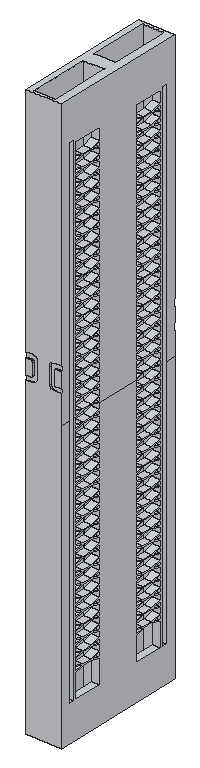
Revit family
Parameters
  Material ID = "760072827"
  Description = "Vertical Cable Management Kit, 6in X 96in (152mm X 2438mm) Double Sided, With Doors, Silver"
Reference planes (in)
  plane 1 "Center (Front/Back)": y = 0
  plane 2: z = 0
  plane 3 "Center (Left/Right)": x = 0
Forms (in)
  Extrusion 1, void, not visible
    sketch origin (0, 0, 0) x (1, 0, 0) y (0, 0, 1)
      loop
        line (-7.85662, 0.48089) -> (-7.85662, -0.39002) -> (-7.67285, -0.39002) -> (-7.67285, -0.64002) -> (-7.0736, -0.64002) -> (-7.0736, -0.39002) -> (-6.92978, -0.39002) -> (-6.92978, 0.48089) -> (-7.85662, 0.48089)
    from -3.79215 to 12
  Extrusion 2, void, not visible
    sketch origin (0, 0, 0) x (1, 0, 0) y (0, 0, 1)
      loop
        line (-8.21397, 0.42583) -> (-8.21397, -0.07417) -> (-8.08657, -0.07417) -> (-8.08657, -0.27417) -> (-7.83657, -0.27417) -> (-7.83657, -0.07417) -> (-7.72497, -0.07417) -> (-7.72497, 0.42583) -> (-8.21397, 0.42583)
    from 0.74059 to 3.34334
  Extrusion 3, solid
    sketch origin (0, 0, 0) x (1, 0, 0) y (0, 0, 1)
      loop
        line (3, 48) -> (-3, 48) -> (-3, -48) -> (3, -48) -> (3, 0) -> (3, 48)
    from 11.281 to -12.189
  Extrusion 4, void
    sketch origin (0, 0, 0) x (1, 0, 0) y (0, 0, 1)
      loop
        line (-3, 9.00056) -> (-3, 8.06684) -> (-2.1, 8.06684)
        arc (-2.1, 8.06684) -> (-1.88787, 7.97898) -> (-1.8, 7.76684) r 0.3
        line (-1.8, 7.76684) -> (-1.8, 5.85056)
        arc (-1.8, 5.85056) -> (-1.88787, 5.63843) -> (-2.1, 5.55056) r 0.3
        line (-2.1, 5.55056) -> (-3, 5.55056) -> (-3, 4.75056) -> (-1.8, 4.75056)
        arc (-1.8, 4.75056) -> (-1.23431, 4.98488) -> (-1, 5.55056) r 0.8
        line (-1, 5.55056) -> (-1, 8.20056)
        arc (-1, 8.20056) -> (-1.23431, 8.76625) -> (-1.8, 9.00056) r 0.8
        line (-1.8, 9.00056) -> (-3, 9.00056)
      loop
        line (3, 9.00056) -> (1.8, 9.00056)
        arc (1.8, 9.00056) -> (1.23431, 8.76625) -> (1, 8.20056) r 0.8
        line (1, 8.20056) -> (1, 5.55056)
        arc (1, 5.55056) -> (1.23431, 4.98488) -> (1.8, 4.75056) r 0.8
        line (1.8, 4.75056) -> (3, 4.75056) -> (3, 5.55056) -> (2.1, 5.55056)
        arc (2.1, 5.55056) -> (1.88787, 5.63843) -> (1.8, 5.85056) r 0.3
        line (1.8, 5.85056) -> (1.8, 7.76684)
        arc (1.8, 7.76684) -> (1.88787, 7.97898) -> (2.1, 8.06684) r 0.3
        line (2.1, 8.06684) -> (3, 8.06684) -> (3, 9.00056)
    from 11.08569 to 11.281
  Extrusion 5, void
    sketch origin (0, 0, 0) x (1, 0, 0) y (0, 1, 0)
      loop
        line (1.70983, -0.6615) -> (-2.04017, -0.6615) -> (-2.04017, -10.9115) -> (1.70983, -10.9115) -> (1.70983, -0.6615)
      loop
        line (1.70983, 1.5695) -> (1.70983, 11.8195) -> (-2.04017, 11.8195) -> (-2.04017, 1.5695) -> (1.70983, 1.5695)
    from -58.88014 to 54.97812
  Extrusion 6, void
    sketch origin (0, 0, 0) x (0, 1, 0) y (0, 0, 1)
      loop
        line (-3.37841, 39.06909) -> (-3.37841, 41.06909) -> (-8.50915, 41.06909) -> (-8.50915, 39.06909) -> (-6.81878, 38.61615) -> (-5.06878, 38.61615) -> (-3.37841, 39.06909)
      loop
        line (-3.37841, 38.06909) -> (-5.06878, 38.52202) -> (-6.81878, 38.52202) -> (-8.50915, 38.06909) -> (-8.50915, 37.81909) -> (-8.50915, 37.06909) -> (-6.81878, 36.61615) -> (-5.06878, 36.61615) -> (-3.37841, 37.06909) -> (-3.37841, 37.81909) -> (-3.37841, 38.06909)
      loop
        line (-3.37841, 39.00985) -> (-4.9864, 38.57899) -> (-3.37841, 38.14813) -> (-3.37841, 39.00985)
      loop
        line (-8.50915, 39.00985) -> (-8.50915, 38.14813) -> (-6.90115, 38.57899) -> (-8.50915, 39.00985)
      loop
        line (-3.37841, 36.06909) -> (-5.06878, 36.52202) -> (-6.81878, 36.52202) -> (-8.50915, 36.06909) -> (-8.50915, 35.06909) -> (-6.81878, 34.61615) -> (-5.06878, 34.61615) -> (-3.37841, 35.06909) -> (-3.37841, 36.06909)
      loop
        line (-3.37841, 37.00985) -> (-4.9864, 36.57899) -> (-3.37841, 36.14813) -> (-3.37841, 37.00985)
      loop
        line (-8.50915, 37.00985) -> (-8.50915, 36.14813) -> (-6.90115, 36.57899) -> (-8.50915, 37.00985)
      loop
        line (-3.37841, 34.06909) -> (-5.06878, 34.52202) -> (-6.81878, 34.52202) -> (-8.50915, 34.06909) -> (-8.50915, 33.06909) -> (-6.81878, 32.61615) -> (-5.06878, 32.61615) -> (-3.37841, 33.06909) -> (-3.37841, 34.06909)
      loop
        line (-3.37841, 35.00985) -> (-4.9864, 34.57899) -> (-3.37841, 34.14813) -> (-3.37841, 35.00985)
      loop
        line (-8.50915, 35.00985) -> (-8.50915, 34.14813) -> (-6.90115, 34.57899) -> (-8.50915, 35.00985)
      loop
        line (-3.37841, 32.06909) -> (-5.06878, 32.52202) -> (-6.81878, 32.52202) -> (-8.50915, 32.06909) -> (-8.50915, 31.06909) -> (-6.81878, 30.61615) -> (-5.06878, 30.61615) -> (-3.37841, 31.06909) -> (-3.37841, 32.06909)
      loop
        line (-3.37841, 33.00985) -> (-4.9864, 32.57899) -> (-3.37841, 32.14813) -> (-3.37841, 33.00985)
      loop
        line (-8.50915, 33.00985) -> (-8.50915, 32.14813) -> (-6.90115, 32.57899) -> (-8.50915, 33.00985)
      loop
        line (-3.37841, 30.06909) -> (-5.06878, 30.52202) -> (-6.81878, 30.52202) -> (-8.50915, 30.06909) -> (-8.50915, 29.06909) -> (-6.81878, 28.61615) -> (-5.06878, 28.61615) -> (-3.37841, 29.06909) -> (-3.37841, 30.06909)
      loop
        line (-3.37841, 31.00985) -> (-4.9864, 30.57899) -> (-3.37841, 30.14813) -> (-3.37841, 31.00985)
      loop
        line (-8.50915, 31.00985) -> (-8.50915, 30.14813) -> (-6.90115, 30.57899) -> (-8.50915, 31.00985)
      loop
        line (-3.37841, 28.06909) -> (-5.06878, 28.52202) -> (-6.81878, 28.52202) -> (-8.50915, 28.06909) -> (-8.50915, 27.06909) -> (-6.81878, 26.61615) -> (-5.06878, 26.61615) -> (-3.37841, 27.06909) -> (-3.37841, 28.06909)
      loop
        line (-3.37841, 29.00985) -> (-4.9864, 28.57899) -> (-3.37841, 28.14813) -> (-3.37841, 29.00985)
      loop
        line (-8.50915, 29.00985) -> (-8.50915, 28.14813) -> (-6.90115, 28.57899) -> (-8.50915, 29.00985)
      loop
        line (-3.37841, 26.06909) -> (-5.06878, 26.52202) -> (-6.81878, 26.52202) -> (-8.50915, 26.06909) -> (-8.50915, 25.06909) -> (-6.81878, 24.61615) -> (-5.06878, 24.61615) -> (-3.37841, 25.06909) -> (-3.37841, 26.06909)
      loop
        line (-3.37841, 27.00985) -> (-4.9864, 26.57899) -> (-3.37841, 26.14813) -> (-3.37841, 27.00985)
      loop
        line (-8.50915, 27.00985) -> (-8.50915, 26.14813) -> (-6.90115, 26.57899) -> (-8.50915, 27.00985)
      loop
        line (-3.37841, 24.06909) -> (-5.06878, 24.52202) -> (-6.81878, 24.52202) -> (-8.50915, 24.06909) -> (-8.50915, 23.06909) -> (-6.81878, 22.61615) -> (-5.06878, 22.61615) -> (-3.37841, 23.06909) -> (-3.37841, 24.06909)
      loop
        line (-3.37841, 25.00985) -> (-4.9864, 24.57899) -> (-3.37841, 24.14813) -> (-3.37841, 25.00985)
      loop
        line (-8.50915, 25.00985) -> (-8.50915, 24.14813) -> (-6.90115, 24.57899) -> (-8.50915, 25.00985)
      loop
        line (-3.37841, 22.06909) -> (-5.06878, 22.52202) -> (-6.81878, 22.52202) -> (-8.50915, 22.06909) -> (-8.50915, 21.06909) -> (-6.81878, 20.61615) -> (-5.06878, 20.61615) -> (-3.37841, 21.06909) -> (-3.37841, 22.06909)
      loop
        line (-3.37841, 23.00985) -> (-4.9864, 22.57899) -> (-3.37841, 22.14813) -> (-3.37841, 23.00985)
      loop
        line (-8.50915, 23.00985) -> (-8.50915, 22.14813) -> (-6.90115, 22.57899) -> (-8.50915, 23.00985)
      loop
        line (-3.37841, 20.06909) -> (-5.06878, 20.52202) -> (-6.81878, 20.52202) -> (-8.50915, 20.06909) -> (-8.50915, 19.06909) -> (-6.81878, 18.61615) -> (-5.06878, 18.61615) -> (-3.37841, 19.06909) -> (-3.37841, 20.06909)
      loop
        line (-3.37841, 21.00985) -> (-4.9864, 20.57899) -> (-3.37841, 20.14813) -> (-3.37841, 21.00985)
      loop
        line (-8.50915, 21.00985) -> (-8.50915, 20.14813) -> (-6.90115, 20.57899) -> (-8.50915, 21.00985)
      loop
        line (-3.37841, 18.06909) -> (-5.06878, 18.52202) -> (-6.81878, 18.52202) -> (-8.50915, 18.06909) -> (-8.50915, 17.06909) -> (-6.81878, 16.61615) -> (-5.06878, 16.61615) -> (-3.37841, 17.06909) -> (-3.37841, 18.06909)
      loop
        line (-3.37841, 19.00985) -> (-4.9864, 18.57899) -> (-3.37841, 18.14813) -> (-3.37841, 19.00985)
      loop
        line (-8.50915, 19.00985) -> (-8.50915, 18.14813) -> (-6.90115, 18.57899) -> (-8.50915, 19.00985)
      loop
        line (-3.37841, 16.06909) -> (-5.06878, 16.52202) -> (-6.81878, 16.52202) -> (-8.50915, 16.06909) -> (-8.50915, 15.06909) -> (-6.81878, 14.61615) -> (-5.06878, 14.61615) -> (-3.37841, 15.06909) -> (-3.37841, 16.06909)
      loop
        line (-3.37841, 17.00985) -> (-4.9864, 16.57899) -> (-3.37841, 16.14813) -> (-3.37841, 17.00985)
      loop
        line (-8.50915, 17.00985) -> (-8.50915, 16.14813) -> (-6.90115, 16.57899) -> (-8.50915, 17.00985)
      loop
        line (-3.37841, 14.06909) -> (-5.06878, 14.52202) -> (-6.81878, 14.52202) -> (-8.50915, 14.06909) -> (-8.50915, 13.06909) -> (-6.81878, 12.61615) -> (-5.06878, 12.61615) -> (-3.37841, 13.06909) -> (-3.37841, 14.06909)
      loop
        line (-3.37841, 15.00985) -> (-4.9864, 14.57899) -> (-3.37841, 14.14813) -> (-3.37841, 15.00985)
      loop
        line (-8.50915, 15.00985) -> (-8.50915, 14.14813) -> (-6.90115, 14.57899) -> (-8.50915, 15.00985)
      loop
        line (-3.37841, 12.06909) -> (-5.06878, 12.52202) -> (-6.81878, 12.52202) -> (-8.50915, 12.06909) -> (-8.50915, 11.06909) -> (-6.81878, 10.61615) -> (-5.06878, 10.61615) -> (-3.37841, 11.06909) -> (-3.37841, 12.06909)
      loop
        line (-3.37841, 13.00985) -> (-4.9864, 12.57899) -> (-3.37841, 12.14813) -> (-3.37841, 13.00985)
      loop
        line (-8.50915, 13.00985) -> (-8.50915, 12.14813) -> (-6.90115, 12.57899) -> (-8.50915, 13.00985)
      loop
        line (-3.37841, 10.06909) -> (-5.06878, 10.52202) -> (-6.81878, 10.52202) -> (-8.50915, 10.06909) -> (-8.50915, 9.06909) -> (-6.81878, 8.61615) -> (-5.06878, 8.61615) -> (-3.37841, 9.06909) -> (-3.37841, 10.06909)
      loop
        line (-3.37841, 11.00985) -> (-4.9864, 10.57899) -> (-3.37841, 10.14813) -> (-3.37841, 11.00985)
      loop
        line (-8.50915, 11.00985) -> (-8.50915, 10.14813) -> (-6.90115, 10.57899) -> (-8.50915, 11.00985)
      loop
        line (-3.37841, 8.06909) -> (-5.06878, 8.52202) -> (-6.81878, 8.52202) -> (-8.50915, 8.06909) -> (-8.50915, 7.06909) -> (-6.81878, 6.61615) -> (-5.06878, 6.61615) -> (-3.37841, 7.06909) -> (-3.37841, 8.06909)
      loop
        line (-3.37841, 9.00985) -> (-4.9864, 8.57899) -> (-3.37841, 8.14813) -> (-3.37841, 9.00985)
      loop
        line (-8.50915, 9.00985) -> (-8.50915, 8.14813) -> (-6.90115, 8.57899) -> (-8.50915, 9.00985)
      loop
        line (-3.37841, 6.06909) -> (-5.06878, 6.52202) -> (-6.81878, 6.52202) -> (-8.50915, 6.06909) -> (-8.50915, 5.06909) -> (-6.81878, 4.61615) -> (-5.06878, 4.61615) -> (-3.37841, 5.06909) -> (-3.37841, 6.06909)
      loop
        line (-3.37841, 7.00985) -> (-4.9864, 6.57899) -> (-3.37841, 6.14813) -> (-3.37841, 7.00985)
      loop
        line (-8.50915, 7.00985) -> (-8.50915, 6.14813) -> (-6.90115, 6.57899) -> (-8.50915, 7.00985)
      loop
        line (-3.37841, 4.06909) -> (-5.06878, 4.52202) -> (-6.81878, 4.52202) -> (-8.50915, 4.06909) -> (-8.50915, 3.06909) -> (-6.81878, 2.61615) -> (-5.06878, 2.61615) -> (-3.37841, 3.06909) -> (-3.37841, 4.06909)
      loop
        line (-3.37841, 5.00985) -> (-4.9864, 4.57899) -> (-3.37841, 4.14813) -> (-3.37841, 5.00985)
      loop
        line (-8.50915, 5.00985) -> (-8.50915, 4.14813) -> (-6.90115, 4.57899) -> (-8.50915, 5.00985)
      loop
        line (-3.37841, 2.06909) -> (-5.06878, 2.52202) -> (-6.81878, 2.52202) -> (-8.50915, 2.06909) -> (-8.50915, 1.06909) -> (-6.81878, 0.61615) -> (-5.06878, 0.61615) -> (-3.37841, 1.06909) -> (-3.37841, 2.06909)
      loop
        line (-3.37841, 3.00985) -> (-4.9864, 2.57899) -> (-3.37841, 2.14813) -> (-3.37841, 3.00985)
      loop
        line (-8.50915, 3.00985) -> (-8.50915, 2.14813) -> (-6.90115, 2.57899) -> (-8.50915, 3.00985)
      loop
        line (-3.37841, 0.06909) -> (-5.06878, 0.52202) -> (-6.81878, 0.52202) -> (-8.50915, 0.06909) -> (-8.50915, -0.93091) -> (-6.81878, -1.38385) -> (-5.06878, -1.38385) -> (-3.37841, -0.93091) -> (-3.37841, 0.06909)
      loop
        line (-3.37841, 1.00985) -> (-4.9864, 0.57899) -> (-3.37841, 0.14813) -> (-3.37841, 1.00985)
      loop
        line (-8.50915, 1.00985) -> (-8.50915, 0.14813) -> (-6.90115, 0.57899) -> (-8.50915, 1.00985)
      loop
        line (-3.37841, -1.93091) -> (-5.06878, -1.47798) -> (-6.81878, -1.47798) -> (-8.50915, -1.93091) -> (-8.50915, -2.93091) -> (-6.81878, -3.38385) -> (-5.06878, -3.38385) -> (-3.37841, -2.93091) -> (-3.37841, -1.93091)
      loop
        line (-3.37841, -0.99015) -> (-4.9864, -1.42101) -> (-3.37841, -1.85187) -> (-3.37841, -0.99015)
      loop
        line (-8.50915, -0.99015) -> (-8.50915, -1.85187) -> (-6.90115, -1.42101) -> (-8.50915, -0.99015)
      loop
        line (-3.37841, -3.93091) -> (-5.06878, -3.47798) -> (-6.81878, -3.47798) -> (-8.50915, -3.93091) -> (-8.50915, -4.93091) -> (-6.81878, -5.38385) -> (-5.06878, -5.38385) -> (-3.37841, -4.93091) -> (-3.37841, -3.93091)
      loop
        line (-3.37841, -2.99015) -> (-4.9864, -3.42101) -> (-3.37841, -3.85187) -> (-3.37841, -2.99015)
      loop
        line (-8.50915, -2.99015) -> (-8.50915, -3.85187) -> (-6.90115, -3.42101) -> (-8.50915, -2.99015)
      loop
        line (-3.37841, -5.93091) -> (-5.06878, -5.47798) -> (-6.81878, -5.47798) -> (-8.50915, -5.93091) -> (-8.50915, -6.93091) -> (-6.81878, -7.38385) -> (-5.06878, -7.38385) -> (-3.37841, -6.93091) -> (-3.37841, -5.93091)
      loop
        line (-3.37841, -4.99015) -> (-4.9864, -5.42101) -> (-3.37841, -5.85187) -> (-3.37841, -4.99015)
      loop
        line (-8.50915, -4.99015) -> (-8.50915, -5.85187) -> (-6.90115, -5.42101) -> (-8.50915, -4.99015)
      loop
        line (-3.37841, -7.93091) -> (-5.06878, -7.47798) -> (-6.81878, -7.47798) -> (-8.50915, -7.93091) -> (-8.50915, -8.93091) -> (-6.81878, -9.38385) -> (-5.06878, -9.38385) -> (-3.37841, -8.93091) -> (-3.37841, -7.93091)
      loop
        line (-3.37841, -6.99015) -> (-4.9864, -7.42101) -> (-3.37841, -7.85187) -> (-3.37841, -6.99015)
      loop
        line (-8.50915, -6.99015) -> (-8.50915, -7.85187) -> (-6.90115, -7.42101) -> (-8.50915, -6.99015)
      loop
        line (-3.37841, -9.93091) -> (-5.06878, -9.47798) -> (-6.81878, -9.47798) -> (-8.50915, -9.93091) -> (-8.50915, -10.93091) -> (-6.81878, -11.38385) -> (-5.06878, -11.38385) -> (-3.37841, -10.93091) -> (-3.37841, -9.93091)
      loop
        line (-3.37841, -8.99015) -> (-4.9864, -9.42101) -> (-3.37841, -9.85187) -> (-3.37841, -8.99015)
      loop
        line (-8.50915, -8.99015) -> (-8.50915, -9.85187) -> (-6.90115, -9.42101) -> (-8.50915, -8.99015)
      loop
        line (-3.37841, -11.93091) -> (-5.06878, -11.47798) -> (-6.81878, -11.47798) -> (-8.50915, -11.93091) -> (-8.50915, -12.93091) -> (-6.81878, -13.38385) -> (-5.06878, -13.38385) -> (-3.37841, -12.93091) -> (-3.37841, -11.93091)
      loop
        line (-3.37841, -10.99015) -> (-4.9864, -11.42101) -> (-3.37841, -11.85187) -> (-3.37841, -10.99015)
      loop
        line (-8.50915, -10.99015) -> (-8.50915, -11.85187) -> (-6.90115, -11.42101) -> (-8.50915, -10.99015)
      loop
        line (-3.37841, -13.93091) -> (-5.06878, -13.47798) -> (-6.81878, -13.47798) -> (-8.50915, -13.93091) -> (-8.50915, -14.93091) -> (-6.81878, -15.38385) -> (-5.06878, -15.38385) -> (-3.37841, -14.93091) -> (-3.37841, -13.93091)
      loop
        line (-3.37841, -12.99015) -> (-4.9864, -13.42101) -> (-3.37841, -13.85187) -> (-3.37841, -12.99015)
      loop
        line (-8.50915, -12.99015) -> (-8.50915, -13.85187) -> (-6.90115, -13.42101) -> (-8.50915, -12.99015)
      loop
        line (-3.37841, -15.93091) -> (-5.06878, -15.47798) -> (-6.81878, -15.47798) -> (-8.50915, -15.93091) -> (-8.50915, -16.93091) -> (-6.81878, -17.38385) -> (-5.06878, -17.38385) -> (-3.37841, -16.93091) -> (-3.37841, -15.93091)
      loop
        line (-3.37841, -14.99015) -> (-4.9864, -15.42101) -> (-3.37841, -15.85187) -> (-3.37841, -14.99015)
      loop
        line (-8.50915, -14.99015) -> (-8.50915, -15.85187) -> (-6.90115, -15.42101) -> (-8.50915, -14.99015)
      loop
        line (-3.37841, -17.93091) -> (-5.06878, -17.47798) -> (-6.81878, -17.47798) -> (-8.50915, -17.93091) -> (-8.50915, -18.93091) -> (-6.81878, -19.38385) -> (-5.06878, -19.38385) -> (-3.37841, -18.93091) -> (-3.37841, -17.93091)
      loop
        line (-3.37841, -16.99015) -> (-4.9864, -17.42101) -> (-3.37841, -17.85187) -> (-3.37841, -16.99015)
      loop
        line (-8.50915, -16.99015) -> (-8.50915, -17.85187) -> (-6.90115, -17.42101) -> (-8.50915, -16.99015)
      loop
        line (-3.37841, -19.93091) -> (-5.06878, -19.47798) -> (-6.81878, -19.47798) -> (-8.50915, -19.93091) -> (-8.50915, -20.93091) -> (-6.81878, -21.38385) -> (-5.06878, -21.38385) -> (-3.37841, -20.93091) -> (-3.37841, -19.93091)
      loop
        line (-3.37841, -18.99015) -> (-4.9864, -19.42101) -> (-3.37841, -19.85187) -> (-3.37841, -18.99015)
      loop
        line (-8.50915, -18.99015) -> (-8.50915, -19.85187) -> (-6.90115, -19.42101) -> (-8.50915, -18.99015)
      loop
        line (-3.37841, -21.93091) -> (-5.06878, -21.47798) -> (-6.81878, -21.47798) -> (-8.50915, -21.93091) -> (-8.50915, -22.93091) -> (-6.81878, -23.38385) -> (-5.06878, -23.38385) -> (-3.37841, -22.93091) -> (-3.37841, -21.93091)
      loop
        line (-3.37841, -20.99015) -> (-4.9864, -21.42101) -> (-3.37841, -21.85187) -> (-3.37841, -20.99015)
      loop
        line (-8.50915, -20.99015) -> (-8.50915, -21.85187) -> (-6.90115, -21.42101) -> (-8.50915, -20.99015)
      loop
        line (-3.37841, -23.93091) -> (-5.06878, -23.47798) -> (-6.81878, -23.47798) -> (-8.50915, -23.93091) -> (-8.50915, -24.93091) -> (-6.81878, -25.38385) -> (-5.06878, -25.38385) -> (-3.37841, -24.93091) -> (-3.37841, -23.93091)
      loop
        line (-3.37841, -22.99015) -> (-4.9864, -23.42101) -> (-3.37841, -23.85187) -> (-3.37841, -22.99015)
      loop
        line (-8.50915, -22.99015) -> (-8.50915, -23.85187) -> (-6.90115, -23.42101) -> (-8.50915, -22.99015)
      loop
        line (-3.37841, -25.93091) -> (-5.06878, -25.47798) -> (-6.81878, -25.47798) -> (-8.50915, -25.93091) -> (-8.50915, -26.93091) -> (-6.81878, -27.38385) -> (-5.06878, -27.38385) -> (-3.37841, -26.93091) -> (-3.37841, -25.93091)
      loop
        line (-3.37841, -24.99015) -> (-4.9864, -25.42101) -> (-3.37841, -25.85187) -> (-3.37841, -24.99015)
      loop
        line (-8.50915, -24.99015) -> (-8.50915, -25.85187) -> (-6.90115, -25.42101) -> (-8.50915, -24.99015)
      loop
        line (-3.37841, -27.93091) -> (-5.06878, -27.47798) -> (-6.81878, -27.47798) -> (-8.50915, -27.93091) -> (-8.50915, -28.93091) -> (-6.81878, -29.38385) -> (-5.06878, -29.38385) -> (-3.37841, -28.93091) -> (-3.37841, -27.93091)
      loop
        line (-3.37841, -26.99015) -> (-4.9864, -27.42101) -> (-3.37841, -27.85187) -> (-3.37841, -26.99015)
      loop
        line (-8.50915, -26.99015) -> (-8.50915, -27.85187) -> (-6.90115, -27.42101) -> (-8.50915, -26.99015)
      loop
        line (-3.37841, -29.93091) -> (-5.06878, -29.47798) -> (-6.81878, -29.47798) -> (-8.50915, -29.93091) -> (-8.50915, -30.93091) -> (-6.81878, -31.38385) -> (-5.06878, -31.38385) -> (-3.37841, -30.93091) -> (-3.37841, -29.93091)
      loop
        line (-3.37841, -28.99015) -> (-4.9864, -29.42101) -> (-3.37841, -29.85187) -> (-3.37841, -28.99015)
      loop
        line (-8.50915, -28.99015) -> (-8.50915, -29.85187) -> (-6.90115, -29.42101) -> (-8.50915, -28.99015)
      loop
        line (-3.37841, -31.93091) -> (-5.06878, -31.47798) -> (-6.81878, -31.47798) -> (-8.50915, -31.93091) -> (-8.50915, -32.93091) -> (-6.81878, -33.38385) -> (-5.06878, -33.38385) -> (-3.37841, -32.93091) -> (-3.37841, -31.93091)
      loop
        line (-3.37841, -30.99015) -> (-4.9864, -31.42101) -> (-3.37841, -31.85187) -> (-3.37841, -30.99015)
      loop
        line (-8.50915, -30.99015) -> (-8.50915, -31.85187) -> (-6.90115, -31.42101) -> (-8.50915, -30.99015)
      loop
        line (-3.37841, -33.93091) -> (-5.06878, -33.47798) -> (-6.81878, -33.47798) -> (-8.50915, -33.93091) -> (-8.50915, -34.93091) -> (-6.81878, -35.38385) -> (-5.06878, -35.38385) -> (-3.37841, -34.93091) -> (-3.37841, -33.93091)
      loop
        line (-3.37841, -32.99015) -> (-4.9864, -33.42101) -> (-3.37841, -33.85187) -> (-3.37841, -32.99015)
      loop
        line (-8.50915, -32.99015) -> (-8.50915, -33.85187) -> (-6.90115, -33.42101) -> (-8.50915, -32.99015)
      loop
        line (-3.37841, -35.93091) -> (-5.06878, -35.47798) -> (-6.81878, -35.47798) -> (-8.50915, -35.93091) -> (-8.50915, -36.93091) -> (-6.81878, -37.38385) -> (-5.06878, -37.38385) -> (-3.37841, -36.93091) -> (-3.37841, -35.93091)
      loop
        line (-3.37841, -34.99015) -> (-4.9864, -35.42101) -> (-3.37841, -35.85187) -> (-3.37841, -34.99015)
      loop
        line (-8.50915, -34.99015) -> (-8.50915, -35.85187) -> (-6.90115, -35.42101) -> (-8.50915, -34.99015)
      loop
        line (-3.37841, -37.93091) -> (-5.06878, -37.47798) -> (-6.81878, -37.47798) -> (-8.50915, -37.93091) -> (-8.50915, -42) -> (-3.37841, -42) -> (-3.37841, -37.93091)
      loop
        line (-3.37841, -36.99015) -> (-4.9864, -37.42101) -> (-3.37841, -37.85187) -> (-3.37841, -36.99015)
      loop
        line (-8.50915, -36.99015) -> (-8.50915, -37.85187) -> (-6.90115, -37.42101) -> (-8.50915, -36.99015)
      loop
        line (4.05541, 39.06909) -> (5.74578, 38.61615) -> (7.49578, 38.61615) -> (9.18615, 39.06909) -> (9.18615, 41.06909) -> (4.05541, 41.06909) -> (4.05541, 39.06909)
      loop
        line (4.05541, 38.06909) -> (4.05541, 37.81909) -> (4.05541, 37.06909) -> (5.74578, 36.61615) -> (7.49578, 36.61615) -> (9.18615, 37.06909) -> (9.18615, 37.81909) -> (9.18615, 38.06909) -> (7.49578, 38.52202) -> (5.74578, 38.52202) -> (4.05541, 38.06909)
      loop
        line (4.05541, 39.00985) -> (4.05541, 38.14813) -> (5.6634, 38.57899) -> (4.05541, 39.00985)
      loop
        line (9.18615, 39.00985) -> (7.57815, 38.57899) -> (9.18615, 38.14813) -> (9.18615, 39.00985)
      loop
        line (4.05541, 36.06909) -> (4.05541, 35.06909) -> (5.74578, 34.61615) -> (7.49578, 34.61615) -> (9.18615, 35.06909) -> (9.18615, 36.06909) -> (7.49578, 36.52202) -> (5.74578, 36.52202) -> (4.05541, 36.06909)
      loop
        line (4.05541, 37.00985) -> (4.05541, 36.14813) -> (5.6634, 36.57899) -> (4.05541, 37.00985)
      loop
        line (9.18615, 37.00985) -> (7.57815, 36.57899) -> (9.18615, 36.14813) -> (9.18615, 37.00985)
      loop
        line (4.05541, 34.06909) -> (4.05541, 33.06909) -> (5.74578, 32.61615) -> (7.49578, 32.61615) -> (9.18615, 33.06909) -> (9.18615, 34.06909) -> (7.49578, 34.52202) -> (5.74578, 34.52202) -> (4.05541, 34.06909)
      loop
        line (4.05541, 35.00985) -> (4.05541, 34.14813) -> (5.6634, 34.57899) -> (4.05541, 35.00985)
      loop
        line (9.18615, 35.00985) -> (7.57815, 34.57899) -> (9.18615, 34.14813) -> (9.18615, 35.00985)
      loop
        line (4.05541, 32.06909) -> (4.05541, 31.06909) -> (5.74578, 30.61615) -> (7.49578, 30.61615) -> (9.18615, 31.06909) -> (9.18615, 32.06909) -> (7.49578, 32.52202) -> (5.74578, 32.52202) -> (4.05541, 32.06909)
      loop
        line (4.05541, 33.00985) -> (4.05541, 32.14813) -> (5.6634, 32.57899) -> (4.05541, 33.00985)
      loop
        line (9.18615, 33.00985) -> (7.57815, 32.57899) -> (9.18615, 32.14813) -> (9.18615, 33.00985)
      loop
        line (4.05541, 30.06909) -> (4.05541, 29.06909) -> (5.74578, 28.61615) -> (7.49578, 28.61615) -> (9.18615, 29.06909) -> (9.18615, 30.06909) -> (7.49578, 30.52202) -> (5.74578, 30.52202) -> (4.05541, 30.06909)
      loop
        line (4.05541, 31.00985) -> (4.05541, 30.14813) -> (5.6634, 30.57899) -> (4.05541, 31.00985)
      loop
        line (9.18615, 31.00985) -> (7.57815, 30.57899) -> (9.18615, 30.14813) -> (9.18615, 31.00985)
      loop
        line (4.05541, 28.06909) -> (4.05541, 27.06909) -> (5.74578, 26.61615) -> (7.49578, 26.61615) -> (9.18615, 27.06909) -> (9.18615, 28.06909) -> (7.49578, 28.52202) -> (5.74578, 28.52202) -> (4.05541, 28.06909)
      loop
        line (4.05541, 29.00985) -> (4.05541, 28.14813) -> (5.6634, 28.57899) -> (4.05541, 29.00985)
      loop
        line (9.18615, 29.00985) -> (7.57815, 28.57899) -> (9.18615, 28.14813) -> (9.18615, 29.00985)
      loop
        line (4.05541, 26.06909) -> (4.05541, 25.06909) -> (5.74578, 24.61615) -> (7.49578, 24.61615) -> (9.18615, 25.06909) -> (9.18615, 26.06909) -> (7.49578, 26.52202) -> (5.74578, 26.52202) -> (4.05541, 26.06909)
      loop
        line (4.05541, 27.00985) -> (4.05541, 26.14813) -> (5.6634, 26.57899) -> (4.05541, 27.00985)
      loop
        line (9.18615, 27.00985) -> (7.57815, 26.57899) -> (9.18615, 26.14813) -> (9.18615, 27.00985)
      loop
        line (4.05541, 24.06909) -> (4.05541, 23.06909) -> (5.74578, 22.61615) -> (7.49578, 22.61615) -> (9.18615, 23.06909) -> (9.18615, 24.06909) -> (7.49578, 24.52202) -> (5.74578, 24.52202) -> (4.05541, 24.06909)
      loop
        line (4.05541, 25.00985) -> (4.05541, 24.14813) -> (5.6634, 24.57899) -> (4.05541, 25.00985)
      loop
        line (9.18615, 25.00985) -> (7.57815, 24.57899) -> (9.18615, 24.14813) -> (9.18615, 25.00985)
      loop
        line (4.05541, 22.06909) -> (4.05541, 21.06909) -> (5.74578, 20.61615) -> (7.49578, 20.61615) -> (9.18615, 21.06909) -> (9.18615, 22.06909) -> (7.49578, 22.52202) -> (5.74578, 22.52202) -> (4.05541, 22.06909)
      loop
        line (4.05541, 23.00985) -> (4.05541, 22.14813) -> (5.6634, 22.57899) -> (4.05541, 23.00985)
      loop
        line (9.18615, 23.00985) -> (7.57815, 22.57899) -> (9.18615, 22.14813) -> (9.18615, 23.00985)
      loop
        line (4.05541, 20.06909) -> (4.05541, 19.06909) -> (5.74578, 18.61615) -> (7.49578, 18.61615) -> (9.18615, 19.06909) -> (9.18615, 20.06909) -> (7.49578, 20.52202) -> (5.74578, 20.52202) -> (4.05541, 20.06909)
      loop
        line (4.05541, 21.00985) -> (4.05541, 20.14813) -> (5.6634, 20.57899) -> (4.05541, 21.00985)
      loop
        line (9.18615, 21.00985) -> (7.57815, 20.57899) -> (9.18615, 20.14813) -> (9.18615, 21.00985)
      loop
        line (4.05541, 18.06909) -> (4.05541, 17.06909) -> (5.74578, 16.61615) -> (7.49578, 16.61615) -> (9.18615, 17.06909) -> (9.18615, 18.06909) -> (7.49578, 18.52202) -> (5.74578, 18.52202) -> (4.05541, 18.06909)
      loop
        line (4.05541, 19.00985) -> (4.05541, 18.14813) -> (5.6634, 18.57899) -> (4.05541, 19.00985)
      loop
        line (9.18615, 19.00985) -> (7.57815, 18.57899) -> (9.18615, 18.14813) -> (9.18615, 19.00985)
      loop
        line (4.05541, 16.06909) -> (4.05541, 15.06909) -> (5.74578, 14.61615) -> (7.49578, 14.61615) -> (9.18615, 15.06909) -> (9.18615, 16.06909) -> (7.49578, 16.52202) -> (5.74578, 16.52202) -> (4.05541, 16.06909)
      loop
        line (4.05541, 17.00985) -> (4.05541, 16.14813) -> (5.6634, 16.57899) -> (4.05541, 17.00985)
      loop
        line (9.18615, 17.00985) -> (7.57815, 16.57899) -> (9.18615, 16.14813) -> (9.18615, 17.00985)
      loop
        line (4.05541, 14.06909) -> (4.05541, 13.06909) -> (5.74578, 12.61615) -> (7.49578, 12.61615) -> (9.18615, 13.06909) -> (9.18615, 14.06909) -> (7.49578, 14.52202) -> (5.74578, 14.52202) -> (4.05541, 14.06909)
      loop
        line (4.05541, 15.00985) -> (4.05541, 14.14813) -> (5.6634, 14.57899) -> (4.05541, 15.00985)
      loop
        line (9.18615, 15.00985) -> (7.57815, 14.57899) -> (9.18615, 14.14813) -> (9.18615, 15.00985)
      loop
        line (4.05541, 12.06909) -> (4.05541, 11.06909) -> (5.74578, 10.61615) -> (7.49578, 10.61615) -> (9.18615, 11.06909) -> (9.18615, 12.06909) -> (7.49578, 12.52202) -> (5.74578, 12.52202) -> (4.05541, 12.06909)
      loop
        line (4.05541, 13.00985) -> (4.05541, 12.14813) -> (5.6634, 12.57899) -> (4.05541, 13.00985)
      loop
        line (9.18615, 13.00985) -> (7.57815, 12.57899) -> (9.18615, 12.14813) -> (9.18615, 13.00985)
      loop
        line (4.05541, 10.06909) -> (4.05541, 9.06909) -> (5.74578, 8.61615) -> (7.49578, 8.61615) -> (9.18615, 9.06909) -> (9.18615, 10.06909) -> (7.49578, 10.52202) -> (5.74578, 10.52202) -> (4.05541, 10.06909)
      loop
        line (4.05541, 11.00985) -> (4.05541, 10.14813) -> (5.6634, 10.57899) -> (4.05541, 11.00985)
      loop
        line (9.18615, 11.00985) -> (7.57815, 10.57899) -> (9.18615, 10.14813) -> (9.18615, 11.00985)
      loop
        line (4.05541, 8.06909) -> (4.05541, 7.06909) -> (5.74578, 6.61615) -> (7.49578, 6.61615) -> (9.18615, 7.06909) -> (9.18615, 8.06909) -> (7.49578, 8.52202) -> (5.74578, 8.52202) -> (4.05541, 8.06909)
      loop
        line (4.05541, 9.00985) -> (4.05541, 8.14813) -> (5.6634, 8.57899) -> (4.05541, 9.00985)
      loop
        line (9.18615, 9.00985) -> (7.57815, 8.57899) -> (9.18615, 8.14813) -> (9.18615, 9.00985)
      loop
        line (4.05541, 6.06909) -> (4.05541, 5.06909) -> (5.74578, 4.61615) -> (7.49578, 4.61615) -> (9.18615, 5.06909) -> (9.18615, 6.06909) -> (7.49578, 6.52202) -> (5.74578, 6.52202) -> (4.05541, 6.06909)
      loop
        line (4.05541, 7.00985) -> (4.05541, 6.14813) -> (5.6634, 6.57899) -> (4.05541, 7.00985)
      loop
        line (9.18615, 7.00985) -> (7.57815, 6.57899) -> (9.18615, 6.14813) -> (9.18615, 7.00985)
      loop
        line (4.05541, 4.06909) -> (4.05541, 3.06909) -> (5.74578, 2.61615) -> (7.49578, 2.61615) -> (9.18615, 3.06909) -> (9.18615, 4.06909) -> (7.49578, 4.52202) -> (5.74578, 4.52202) -> (4.05541, 4.06909)
      loop
        line (4.05541, 5.00985) -> (4.05541, 4.14813) -> (5.6634, 4.57899) -> (4.05541, 5.00985)
      loop
        line (9.18615, 5.00985) -> (7.57815, 4.57899) -> (9.18615, 4.14813) -> (9.18615, 5.00985)
      loop
        line (4.05541, 2.06909) -> (4.05541, 1.06909) -> (5.74578, 0.61615) -> (7.49578, 0.61615) -> (9.18615, 1.06909) -> (9.18615, 2.06909) -> (7.49578, 2.52202) -> (5.74578, 2.52202) -> (4.05541, 2.06909)
      loop
        line (4.05541, 3.00985) -> (4.05541, 2.14813) -> (5.6634, 2.57899) -> (4.05541, 3.00985)
      loop
        line (9.18615, 3.00985) -> (7.57815, 2.57899) -> (9.18615, 2.14813) -> (9.18615, 3.00985)
      loop
        line (4.05541, 0.06909) -> (4.05541, -0.93091) -> (5.74578, -1.38385) -> (7.49578, -1.38385) -> (9.18615, -0.93091) -> (9.18615, 0.06909) -> (7.49578, 0.52202) -> (5.74578, 0.52202) -> (4.05541, 0.06909)
      loop
        line (4.05541, 1.00985) -> (4.05541, 0.14813) -> (5.6634, 0.57899) -> (4.05541, 1.00985)
      loop
        line (9.18615, 1.00985) -> (7.57815, 0.57899) -> (9.18615, 0.14813) -> (9.18615, 1.00985)
      loop
        line (4.05541, -1.93091) -> (4.05541, -2.93091) -> (5.74578, -3.38385) -> (7.49578, -3.38385) -> (9.18615, -2.93091) -> (9.18615, -1.93091) -> (7.49578, -1.47798) -> (5.74578, -1.47798) -> (4.05541, -1.93091)
      loop
        line (4.05541, -0.99015) -> (4.05541, -1.85187) -> (5.6634, -1.42101) -> (4.05541, -0.99015)
      loop
        line (9.18615, -0.99015) -> (7.57815, -1.42101) -> (9.18615, -1.85187) -> (9.18615, -0.99015)
      loop
        line (4.05541, -3.93091) -> (4.05541, -4.93091) -> (5.74578, -5.38385) -> (7.49578, -5.38385) -> (9.18615, -4.93091) -> (9.18615, -3.93091) -> (7.49578, -3.47798) -> (5.74578, -3.47798) -> (4.05541, -3.93091)
      loop
        line (4.05541, -2.99015) -> (4.05541, -3.85187) -> (5.6634, -3.42101) -> (4.05541, -2.99015)
      loop
        line (9.18615, -2.99015) -> (7.57815, -3.42101) -> (9.18615, -3.85187) -> (9.18615, -2.99015)
      loop
        line (4.05541, -5.93091) -> (4.05541, -6.93091) -> (5.74578, -7.38385) -> (7.49578, -7.38385) -> (9.18615, -6.93091) -> (9.18615, -5.93091) -> (7.49578, -5.47798) -> (5.74578, -5.47798) -> (4.05541, -5.93091)
      loop
        line (4.05541, -4.99015) -> (4.05541, -5.85187) -> (5.6634, -5.42101) -> (4.05541, -4.99015)
      loop
        line (9.18615, -4.99015) -> (7.57815, -5.42101) -> (9.18615, -5.85187) -> (9.18615, -4.99015)
      loop
        line (4.05541, -7.93091) -> (4.05541, -8.93091) -> (5.74578, -9.38385) -> (7.49578, -9.38385) -> (9.18615, -8.93091) -> (9.18615, -7.93091) -> (7.49578, -7.47798) -> (5.74578, -7.47798) -> (4.05541, -7.93091)
      loop
        line (4.05541, -6.99015) -> (4.05541, -7.85187) -> (5.6634, -7.42101) -> (4.05541, -6.99015)
      loop
        line (9.18615, -6.99015) -> (7.57815, -7.42101) -> (9.18615, -7.85187) -> (9.18615, -6.99015)
      loop
        line (4.05541, -9.93091) -> (4.05541, -10.93091) -> (5.74578, -11.38385) -> (7.49578, -11.38385) -> (9.18615, -10.93091) -> (9.18615, -9.93091) -> (7.49578, -9.47798) -> (5.74578, -9.47798) -> (4.05541, -9.93091)
      loop
        line (4.05541, -8.99015) -> (4.05541, -9.85187) -> (5.6634, -9.42101) -> (4.05541, -8.99015)
      loop
        line (9.18615, -8.99015) -> (7.57815, -9.42101) -> (9.18615, -9.85187) -> (9.18615, -8.99015)
      loop
        line (4.05541, -11.93091) -> (4.05541, -12.93091) -> (5.74578, -13.38385) -> (7.49578, -13.38385) -> (9.18615, -12.93091) -> (9.18615, -11.93091) -> (7.49578, -11.47798) -> (5.74578, -11.47798) -> (4.05541, -11.93091)
      loop
        line (4.05541, -10.99015) -> (4.05541, -11.85187) -> (5.6634, -11.42101) -> (4.05541, -10.99015)
      loop
        line (9.18615, -10.99015) -> (7.57815, -11.42101) -> (9.18615, -11.85187) -> (9.18615, -10.99015)
      loop
        line (4.05541, -13.93091) -> (4.05541, -14.93091) -> (5.74578, -15.38385) -> (7.49578, -15.38385) -> (9.18615, -14.93091) -> (9.18615, -13.93091) -> (7.49578, -13.47798) -> (5.74578, -13.47798) -> (4.05541, -13.93091)
      loop
        line (4.05541, -12.99015) -> (4.05541, -13.85187) -> (5.6634, -13.42101) -> (4.05541, -12.99015)
      loop
        line (9.18615, -12.99015) -> (7.57815, -13.42101) -> (9.18615, -13.85187) -> (9.18615, -12.99015)
      loop
        line (4.05541, -15.93091) -> (4.05541, -16.93091) -> (5.74578, -17.38385) -> (7.49578, -17.38385) -> (9.18615, -16.93091) -> (9.18615, -15.93091) -> (7.49578, -15.47798) -> (5.74578, -15.47798) -> (4.05541, -15.93091)
      loop
        line (4.05541, -14.99015) -> (4.05541, -15.85187) -> (5.6634, -15.42101) -> (4.05541, -14.99015)
      loop
        line (9.18615, -14.99015) -> (7.57815, -15.42101) -> (9.18615, -15.85187) -> (9.18615, -14.99015)
      loop
        line (4.05541, -17.93091) -> (4.05541, -18.93091) -> (5.74578, -19.38385) -> (7.49578, -19.38385) -> (9.18615, -18.93091) -> (9.18615, -17.93091) -> (7.49578, -17.47798) -> (5.74578, -17.47798) -> (4.05541, -17.93091)
      loop
        line (4.05541, -16.99015) -> (4.05541, -17.85187) -> (5.6634, -17.42101) -> (4.05541, -16.99015)
      loop
        line (9.18615, -16.99015) -> (7.57815, -17.42101) -> (9.18615, -17.85187) -> (9.18615, -16.99015)
      loop
        line (4.05541, -19.93091) -> (4.05541, -20.93091) -> (5.74578, -21.38385) -> (7.49578, -21.38385) -> (9.18615, -20.93091) -> (9.18615, -19.93091) -> (7.49578, -19.47798) -> (5.74578, -19.47798) -> (4.05541, -19.93091)
      loop
        line (4.05541, -18.99015) -> (4.05541, -19.85187) -> (5.6634, -19.42101) -> (4.05541, -18.99015)
      loop
        line (9.18615, -18.99015) -> (7.57815, -19.42101) -> (9.18615, -19.85187) -> (9.18615, -18.99015)
      loop
        line (4.05541, -21.93091) -> (4.05541, -22.93091) -> (5.74578, -23.38385) -> (7.49578, -23.38385) -> (9.18615, -22.93091) -> (9.18615, -21.93091) -> (7.49578, -21.47798) -> (5.74578, -21.47798) -> (4.05541, -21.93091)
      loop
        line (4.05541, -20.99015) -> (4.05541, -21.85187) -> (5.6634, -21.42101) -> (4.05541, -20.99015)
      loop
        line (9.18615, -20.99015) -> (7.57815, -21.42101) -> (9.18615, -21.85187) -> (9.18615, -20.99015)
      loop
        line (4.05541, -23.93091) -> (4.05541, -24.93091) -> (5.74578, -25.38385) -> (7.49578, -25.38385) -> (9.18615, -24.93091) -> (9.18615, -23.93091) -> (7.49578, -23.47798) -> (5.74578, -23.47798) -> (4.05541, -23.93091)
      loop
        line (4.05541, -22.99015) -> (4.05541, -23.85187) -> (5.6634, -23.42101) -> (4.05541, -22.99015)
      loop
        line (9.18615, -22.99015) -> (7.57815, -23.42101) -> (9.18615, -23.85187) -> (9.18615, -22.99015)
      loop
        line (4.05541, -25.93091) -> (4.05541, -26.93091) -> (5.74578, -27.38385) -> (7.49578, -27.38385) -> (9.18615, -26.93091) -> (9.18615, -25.93091) -> (7.49578, -25.47798) -> (5.74578, -25.47798) -> (4.05541, -25.93091)
      loop
        line (4.05541, -24.99015) -> (4.05541, -25.85187) -> (5.6634, -25.42101) -> (4.05541, -24.99015)
      loop
        line (9.18615, -24.99015) -> (7.57815, -25.42101) -> (9.18615, -25.85187) -> (9.18615, -24.99015)
      loop
        line (4.05541, -27.93091) -> (4.05541, -28.93091) -> (5.74578, -29.38385) -> (7.49578, -29.38385) -> (9.18615, -28.93091) -> (9.18615, -27.93091) -> (7.49578, -27.47798) -> (5.74578, -27.47798) -> (4.05541, -27.93091)
      loop
        line (4.05541, -26.99015) -> (4.05541, -27.85187) -> (5.6634, -27.42101) -> (4.05541, -26.99015)
      loop
        line (9.18615, -26.99015) -> (7.57815, -27.42101) -> (9.18615, -27.85187) -> (9.18615, -26.99015)
      loop
        line (4.05541, -29.93091) -> (4.05541, -30.93091) -> (5.74578, -31.38385) -> (7.49578, -31.38385) -> (9.18615, -30.93091) -> (9.18615, -29.93091) -> (7.49578, -29.47798) -> (5.74578, -29.47798) -> (4.05541, -29.93091)
      loop
        line (4.05541, -28.99015) -> (4.05541, -29.85187) -> (5.6634, -29.42101) -> (4.05541, -28.99015)
      loop
        line (9.18615, -28.99015) -> (7.57815, -29.42101) -> (9.18615, -29.85187) -> (9.18615, -28.99015)
      loop
        line (4.05541, -31.93091) -> (4.05541, -32.93091) -> (5.74578, -33.38385) -> (7.49578, -33.38385) -> (9.18615, -32.93091) -> (9.18615, -31.93091) -> (7.49578, -31.47798) -> (5.74578, -31.47798) -> (4.05541, -31.93091)
      loop
        line (4.05541, -30.99015) -> (4.05541, -31.85187) -> (5.6634, -31.42101) -> (4.05541, -30.99015)
      loop
        line (9.18615, -30.99015) -> (7.57815, -31.42101) -> (9.18615, -31.85187) -> (9.18615, -30.99015)
      loop
        line (4.05541, -33.93091) -> (4.05541, -34.93091) -> (5.74578, -35.38385) -> (7.49578, -35.38385) -> (9.18615, -34.93091) -> (9.18615, -33.93091) -> (7.49578, -33.47798) -> (5.74578, -33.47798) -> (4.05541, -33.93091)
      loop
        line (4.05541, -32.99015) -> (4.05541, -33.85187) -> (5.6634, -33.42101) -> (4.05541, -32.99015)
      loop
        line (9.18615, -32.99015) -> (7.57815, -33.42101) -> (9.18615, -33.85187) -> (9.18615, -32.99015)
      loop
        line (4.05541, -35.93091) -> (4.05541, -36.93091) -> (5.74578, -37.38385) -> (7.49578, -37.38385) -> (9.18615, -36.93091) -> (9.18615, -35.93091) -> (7.49578, -35.47798) -> (5.74578, -35.47798) -> (4.05541, -35.93091)
      loop
        line (4.05541, -34.99015) -> (4.05541, -35.85187) -> (5.6634, -35.42101) -> (4.05541, -34.99015)
      loop
        line (9.18615, -34.99015) -> (7.57815, -35.42101) -> (9.18615, -35.85187) -> (9.18615, -34.99015)
      loop
        line (4.05541, -37.93091) -> (4.05541, -42) -> (9.18615, -42) -> (9.18615, -37.93091) -> (7.49578, -37.47798) -> (5.74578, -37.47798) -> (4.05541, -37.93091)
      loop
        line (4.05541, -36.99015) -> (4.05541, -37.85187) -> (5.6634, -37.42101) -> (4.05541, -36.99015)
      loop
        line (9.18615, -36.99015) -> (7.57815, -37.42101) -> (9.18615, -37.85187) -> (9.18615, -36.99015)
    from -16.16264 to 12
  Extrusion 7, void
    sketch origin (0, 0, 0) x (0, 1, 0) y (0, 0, 1)
      loop
        line (-9.74802, 41.47806) -> (-9.74802, -42) -> (-8.75915, -42) -> (-8.75915, 41.47806) -> (-9.74802, 41.47806)
      loop
        line (10.42502, 41.47806) -> (9.43615, 41.47806) -> (9.43615, -42) -> (10.42502, -42) -> (10.42502, 41.47806)
    from -16.48531 to 12
  Extrusion 8, void
    sketch origin (0, 0, 0) x (1, 0, 0) y (0, 0, 1)
      loop
        line (1.49935, 28.88043) -> (-1.75065, 28.88043) -> (-1.75065, 16.13043) -> (1.49935, 16.13043) -> (1.49935, 28.88043)
      loop
        line (1.49935, -28.88043) -> (1.49935, -16.13043) -> (-1.75065, -16.13043) -> (-1.75065, -28.88043) -> (1.49935, -28.88043)
    from -9.86946 to 1.00595
  Extrusion 9, void
    sketch origin (0, 0, 0) x (1, 0, 0) y (0, 0, 1)
      loop
        line (3.34991, 7.4906) -> (3.34991, 8.61615) -> (2.34991, 8.61615)
        arc (2.34991, 8.61615) -> (1.81958, 8.39648) -> (1.59991, 7.86615) r 0.75
        line (1.59991, 7.86615) -> (1.59991, 4.61615)
        arc (1.59991, 4.61615) -> (1.81958, 4.08582) -> (2.34991, 3.86615) r 0.75
        line (2.34991, 3.86615) -> (3.34991, 3.86615) -> (3.34991, 5.00985) -> (2.84991, 5.00985)
        arc (2.84991, 5.00985) -> (2.49635, 5.1563) -> (2.34991, 5.50985) r 0.5
        line (2.34991, 5.50985) -> (2.34991, 6.9906)
        arc (2.34991, 6.9906) -> (2.49635, 7.34415) -> (2.84991, 7.4906) r 0.5
        line (2.84991, 7.4906) -> (3.34991, 7.4906)
      loop
        line (-3.34991, 7.4906) -> (-2.84991, 7.4906)
        arc (-2.84991, 7.4906) -> (-2.49635, 7.34415) -> (-2.34991, 6.9906) r 0.5
        line (-2.34991, 6.9906) -> (-2.34991, 5.50985)
        arc (-2.34991, 5.50985) -> (-2.49635, 5.1563) -> (-2.84991, 5.00985) r 0.5
        line (-2.84991, 5.00985) -> (-3.34991, 5.00985) -> (-3.34991, 3.86615) -> (-2.34991, 3.86615)
        arc (-2.34991, 3.86615) -> (-1.81958, 4.08582) -> (-1.59991, 4.61615) r 0.75
        line (-1.59991, 4.61615) -> (-1.59991, 7.86615)
        arc (-1.59991, 7.86615) -> (-1.81958, 8.39648) -> (-2.34991, 8.61615) r 0.75
        line (-2.34991, 8.61615) -> (-3.34991, 8.61615) -> (-3.34991, 7.4906)
    from -14.9326 to -12.01064
Cuts and joins
  Extrusion 4, Extrusion 5, Extrusion 6, Extrusion 7, Extrusion 8, Extrusion 9 cuts Extrusion 3
